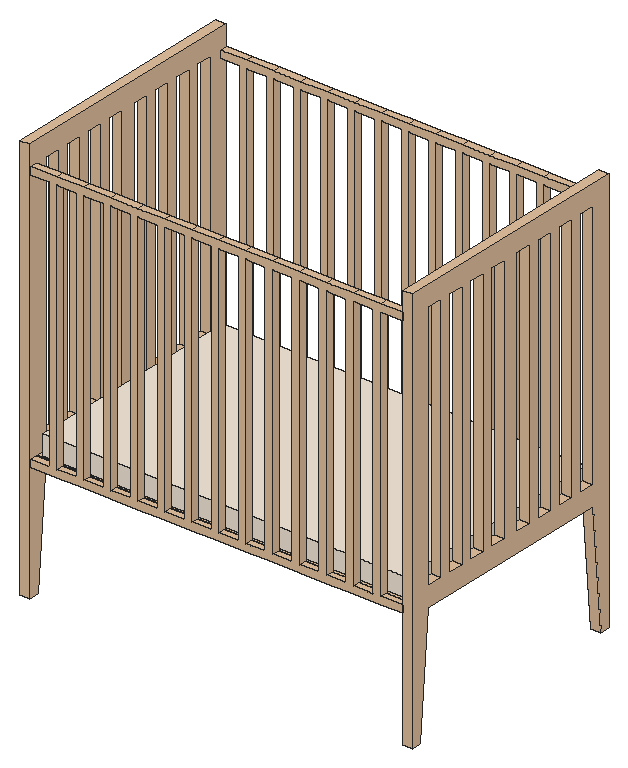
Revit family
Reference planes (in)
  plane 1 "Center (Front/Back)": y = 0
  plane 2: z = 0
  plane 3 "Center (Left/Right)": x = 0
Forms (in)
  Extrusion 1, solid, material "Wood - Cherry"
    sketch origin (0, 12.5, 0) x (0, 1, 0) y (0, 0, 1)
      loop
        line (0, 0) -> (0, 41.5) -> (-25, 41.5) -> (-25, 0) -> (-24, 0) -> (-23, 12) -> (-2, 12) -> (-1, 0) -> (0, 0)
      loop
        line (-23, 39.5) -> (-23, 14) -> (-21.3125, 14) -> (-21.3125, 39.5) -> (-23, 39.5)
      loop
        line (-2, 14) -> (-2, 39.5) -> (-3.6875, 39.5) -> (-3.6875, 14) -> (-2, 14)
      loop
        line (-13.25, 39.5) -> (-14.9375, 39.5) -> (-14.9375, 14) -> (-13.25, 14) -> (-13.25, 39.5)
      loop
        line (-11.75, 39.5) -> (-11.75, 14) -> (-10.0625, 14) -> (-10.0625, 39.5) -> (-11.75, 39.5)
      loop
        line (-18.625, 39.5) -> (-20.3125, 39.5) -> (-20.3125, 14) -> (-18.625, 14) -> (-18.625, 39.5)
      loop
        line (-17.625, 39.5) -> (-17.625, 14) -> (-15.9375, 14) -> (-15.9375, 39.5) -> (-17.625, 39.5)
      loop
        line (-6.375, 39.5) -> (-6.375, 14) -> (-4.6875, 14) -> (-4.6875, 39.5) -> (-6.375, 39.5)
      loop
        line (-7.375, 39.5) -> (-9.0625, 39.5) -> (-9.0625, 14) -> (-7.375, 14) -> (-7.375, 39.5)
    from -20 to -19
  Extrusion 2, solid, material "Wood - Cherry"
    sketch origin (0, 12.5, 0) x (0, 1, 0) y (0, 0, -1)
      loop
        line (0, 0) -> (-1, 0) -> (-2, -12) -> (-23, -12) -> (-24, 0) -> (-25, 0) -> (-25, -41.5) -> (0, -41.5) -> (0, 0)
      loop
        line (-23, -39.5) -> (-21.3125, -39.5) -> (-21.3125, -14) -> (-23, -14) -> (-23, -39.5)
      loop
        line (-2, -14) -> (-3.6875, -14) -> (-3.6875, -39.5) -> (-2, -39.5) -> (-2, -14)
      loop
        line (-13.25, -39.5) -> (-13.25, -14) -> (-14.9375, -14) -> (-14.9375, -39.5) -> (-13.25, -39.5)
      loop
        line (-11.75, -39.5) -> (-10.0625, -39.5) -> (-10.0625, -14) -> (-11.75, -14) -> (-11.75, -39.5)
      loop
        line (-18.625, -39.5) -> (-18.625, -14) -> (-20.3125, -14) -> (-20.3125, -39.5) -> (-18.625, -39.5)
      loop
        line (-17.625, -39.5) -> (-15.9375, -39.5) -> (-15.9375, -14) -> (-17.625, -14) -> (-17.625, -39.5)
      loop
        line (-6.375, -39.5) -> (-4.6875, -39.5) -> (-4.6875, -14) -> (-6.375, -14) -> (-6.375, -39.5)
      loop
        line (-7.375, -39.5) -> (-7.375, -14) -> (-9.0625, -14) -> (-9.0625, -39.5) -> (-7.375, -39.5)
    from -20 to -19
  Extrusion 3, solid, material "Plastic - White"
    sketch origin (-10.72485, 7.79855, -9.25) x (1, 0, 0) y (0, 1, 0)
      loop
        line (-7.77515, 3.70145) -> (-7.77515, -19.29855) -> (29.22485, -19.29855) -> (29.22485, 3.70145) -> (-7.77515, 3.70145)
    from 24 to 22
  Extrusion 4, solid, material "Wood - Cherry"
    sketch origin (0, 0, 12) x (1, 0, 0) y (0, 1, 0)
      loop
        line (-19, 11.75) -> (-19, -11.75) -> (19, -11.75) -> (19, 11.75) -> (-19, 11.75)
    from 0.75 to 0
  Extrusion 5, solid, material "Wood - Cherry"
    sketch origin (0, -11.75, 0) x (1, 0, 0) y (0, 0, 1)
      loop
        line (-19, 39.5) -> (-19, 38.75) -> (-17, 38.75) -> (-17, 12.75) -> (-19, 12.75) -> (-19, 12) -> (-16.25, 12) -> (-13.5, 12) -> (-10.75, 12) -> (-8, 12) -> (-5.25, 12) -> (-2.5, 12) -> (0.25, 12) -> (3, 12) -> (5.75, 12) -> (8.5, 12) -> (11.25, 12) -> (14, 12) -> (16.75, 12) -> (19, 12) -> (19, 12.75) -> (16.75, 12.75) -> (16.75, 38.75) -> (19, 38.75) -> (19, 39.5) -> (16.75, 39.5) -> (14, 39.5) -> (11.25, 39.5) -> (8.5, 39.5) -> (5.75, 39.5) -> (3, 39.5) -> (0.25, 39.5) -> (-2.5, 39.5) -> (-5.25, 39.5) -> (-8, 39.5) -> (-10.75, 39.5) -> (-13.5, 39.5) -> (-16.25, 39.5) -> (-19, 39.5)
      loop
        line (-16.25, 38.75) -> (-16.25, 12.75) -> (-14.25, 12.75) -> (-14.25, 38.75) -> (-16.25, 38.75)
      loop
        line (-13.5, 38.75) -> (-13.5, 12.75) -> (-11.5, 12.75) -> (-11.5, 38.75) -> (-13.5, 38.75)
      loop
        line (-10.75, 38.75) -> (-10.75, 12.75) -> (-8.75, 12.75) -> (-8.75, 38.75) -> (-10.75, 38.75)
      loop
        line (-8, 38.75) -> (-8, 12.75) -> (-6, 12.75) -> (-6, 38.75) -> (-8, 38.75)
      loop
        line (-5.25, 38.75) -> (-5.25, 12.75) -> (-3.25, 12.75) -> (-3.25, 38.75) -> (-5.25, 38.75)
      loop
        line (-2.5, 38.75) -> (-2.5, 12.75) -> (-0.5, 12.75) -> (-0.5, 38.75) -> (-2.5, 38.75)
      loop
        line (0.25, 38.75) -> (0.25, 12.75) -> (2.25, 12.75) -> (2.25, 38.75) -> (0.25, 38.75)
      loop
        line (3, 38.75) -> (3, 12.75) -> (5, 12.75) -> (5, 38.75) -> (3, 38.75)
      loop
        line (5.75, 38.75) -> (5.75, 12.75) -> (7.75, 12.75) -> (7.75, 38.75) -> (5.75, 38.75)
      loop
        line (8.5, 38.75) -> (8.5, 12.75) -> (10.5, 12.75) -> (10.5, 38.75) -> (8.5, 38.75)
      loop
        line (11.25, 38.75) -> (11.25, 12.75) -> (13.25, 12.75) -> (13.25, 38.75) -> (11.25, 38.75)
      loop
        line (14, 38.75) -> (14, 12.75) -> (16, 12.75) -> (16, 38.75) -> (14, 38.75)
    from 0.75 to 0
  Extrusion 6, solid, material "Wood - Cherry"
    sketch origin (0, 11.75, 0) x (1, 0, 0) y (0, 0, -1)
      loop
        line (-19, -39.5) -> (-16.25, -39.5) -> (-13.5, -39.5) -> (-10.75, -39.5) -> (-8, -39.5) -> (-5.25, -39.5) -> (-2.5, -39.5) -> (0.25, -39.5) -> (3, -39.5) -> (5.75, -39.5) -> (8.5, -39.5) -> (11.25, -39.5) -> (14, -39.5) -> (16.75, -39.5) -> (19, -39.5) -> (19, -38.75) -> (16.75, -38.75) -> (16.75, -12.75) -> (19, -12.75) -> (19, -12) -> (16.75, -12) -> (14, -12) -> (11.25, -12) -> (8.5, -12) -> (5.75, -12) -> (3, -12) -> (0.25, -12) -> (-2.5, -12) -> (-5.25, -12) -> (-8, -12) -> (-10.75, -12) -> (-13.5, -12) -> (-16.25, -12) -> (-19, -12) -> (-19, -12.75) -> (-17, -12.75) -> (-17, -38.75) -> (-19, -38.75) -> (-19, -39.5)
      loop
        line (-16.25, -38.75) -> (-14.25, -38.75) -> (-14.25, -12.75) -> (-16.25, -12.75) -> (-16.25, -38.75)
      loop
        line (-13.5, -38.75) -> (-11.5, -38.75) -> (-11.5, -12.75) -> (-13.5, -12.75) -> (-13.5, -38.75)
      loop
        line (-10.75, -38.75) -> (-8.75, -38.75) -> (-8.75, -12.75) -> (-10.75, -12.75) -> (-10.75, -38.75)
      loop
        line (-8, -38.75) -> (-6, -38.75) -> (-6, -12.75) -> (-8, -12.75) -> (-8, -38.75)
      loop
        line (-5.25, -38.75) -> (-3.25, -38.75) -> (-3.25, -12.75) -> (-5.25, -12.75) -> (-5.25, -38.75)
      loop
        line (-2.5, -38.75) -> (-0.5, -38.75) -> (-0.5, -12.75) -> (-2.5, -12.75) -> (-2.5, -38.75)
      loop
        line (0.25, -38.75) -> (2.25, -38.75) -> (2.25, -12.75) -> (0.25, -12.75) -> (0.25, -38.75)
      loop
        line (3, -38.75) -> (5, -38.75) -> (5, -12.75) -> (3, -12.75) -> (3, -38.75)
      loop
        line (5.75, -38.75) -> (7.75, -38.75) -> (7.75, -12.75) -> (5.75, -12.75) -> (5.75, -38.75)
      loop
        line (8.5, -38.75) -> (10.5, -38.75) -> (10.5, -12.75) -> (8.5, -12.75) -> (8.5, -38.75)
      loop
        line (11.25, -38.75) -> (13.25, -38.75) -> (13.25, -12.75) -> (11.25, -12.75) -> (11.25, -38.75)
      loop
        line (14, -38.75) -> (16, -38.75) -> (16, -12.75) -> (14, -12.75) -> (14, -38.75)
    from 0.75 to 0
